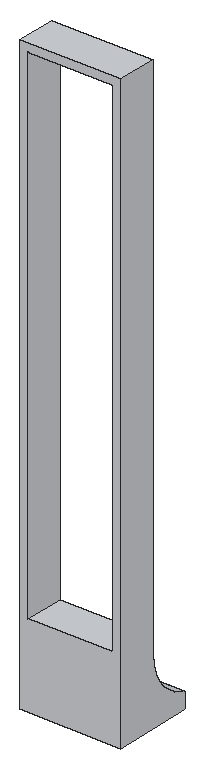
Revit family "Accessory-Towel_Arm-KOHLER-Loure-K-11586_1", category Specialty Equipment, host Face, Revit 2015
Parameters (values of type "CP-Polished Chrome")
  Width = 3"  # constant formula
  WaterSense Certified = 1 = 0  # no
  URL = "https://www.us.kohler.com/us/"
  Type = 1
  Product Page URL = "http://www.us.kohler.com/us/catalog/productDetails.jsp?productNumber=11586"
  Product Name = "Loure"  # constant formula
  Product Documentation Link = "https://www.us.kohler.com/webassets/kpna/catalog/pdf/en/K-11586_spec.pdf"
  Model = if(Type = 1, "K-11586-CP", if(Type = 2, "K-11586-SN", if(Type = 3, "K-11586-BN", "NA")))  # "K-11586-CP"
  Material = "Solid-Brass Construction "  # constant formula
  MasterFormat 2004 = "10.28.13"  # constant formula
  MasterFormat 1995 = "10820"  # constant formula
  Manufacturer Address = "444 Highland Dr, Kohler, WI 53044"  # constant formula
  Manufacturer = "KOHLER Co."  # constant formula
  Length = 17 7/8"  # constant formula
  Height = 2 3/8"  # constant formula
  Finish = Kohler-Metal-CP-Polished_Chrome
  Environmental Product Declaration = ""
  Description = "Towel arm"  # constant formula
  Default Elevation = 42"
  Declare Label = ""
  Date Modified = "4/17/2019"  # constant formula
  Date Created = "4/17/2019"  # constant formula
  Copyright = "Copyright KOHLER Co."  # constant formula
  Contact Us = "https://www.us.kohler.com/us/static/contact.jsp"
  Assembly Code = "C1030200"
  ADA Compliant = 1 = 0  # no
Types (4): name | Type | Model | Finish
  (no name) | 1 | "K-11586-CP" | Kohler-Metal-CP-Polished_Chrome
  CP-Polished Chrome | 1 | "K-11586-CP" | Kohler-Metal-CP-Polished_Chrome
  SN-Vibrant Polished Nickel | 2 | "K-11586-SN" | Kohler-Metal-SN-Vibrant_Polished_Nickel
  BN-Vibrant Brushed Nickel | 3 | "K-11586-BN" | Kohler-Metal-BN-Vibrant_Brushed_Nickel
Reference planes (in)
  plane 1 "Center (Front/Back)": y = 0
  plane 2: z = 0
  plane 3 "Center (Left/Right)": x = 0
  plane 4: y = 0
  plane 5: z = 0
  plane 6: x = -1.5
  plane 7: x = 1.5
  plane 8: z = 17.875
  plane 9: y = -1.78125
  plane 10: y = 0.59375
Dimensions and locks (in)
  "Height": plane 10 to plane 9
  "Length": level to plane 8
  "Width": plane 7 to plane 6
  aligned and locked: plane 2 to host face
  aligned and locked: level to host face
Automatic sketch dimensions
  host sketch curve to host sketch curve = 96"  (x2)
Nested families (in)
  nested 1: "K-11586" at (-1.5, -1.78125, 0) x (-1, 0, 0) z (0, 1, 0), type "K-11586"
Definition of nested family "K-11586"
  Parameters (values of type "K-11586")
    Material = none
    Default Elevation = 48"
  Reference planes (in)
    plane 1 "Center (Front/Back)": y = 0
    plane 2: z = 0
    plane 3 "Center (Left/Right)": x = 0
    plane 4: y = -17.875
    plane 5: z = 2.375
    plane 6: x = -3
    plane 7: y = -2.48876
    plane 8: z = 0.59375
    plane 9: x = -1.5
    plane 10: y = -17.63624
  Forms (in)
    Sweep 1, solid, material <- "Material", detail levels medium+fine
      path origin (0, 0, 0) x (1, 0, 0) y (0, 1, 0)
        loop
          line (-3, -2.25) -> (-3, -17.875) -> (0, -17.875) -> (0, -2.25) -> (-3, -2.25)
      profile origin (-3, -10.0625, 0) x (1, 0, 0) y (0, 0, 1)
        loop
          line (0, 0) -> (0.23876, 0) -> (0.23876, 1.1875) -> (0, 1.1875) -> (0, 0)
    Extrusion 2, solid, material <- "Material", detail levels medium+fine
      sketch origin (0, 0, 0) x (0, 1, 0) y (0, 0, 1)
        loop
          arc (0, 2.33594) -> (-0.01144, 2.36356) -> (-0.03906, 2.375) r 0.03906
          line (-0.03906, 2.375) -> (-0.46521, 2.375)
          arc (-0.46521, 2.375) -> (-0.48953, 2.36668) -> (-0.50364, 2.34519) r 0.03968
          arc (-0.50364, 2.34519) -> (-1.05185, 1.51084) -> (-1.99637, 1.1875) r 1.54121
          line (-1.99637, 1.1875) -> (-2.25, 1.1875) -> (-2.25, 0) -> (0, 0) -> (0, 2.33594)
      from -3 to 0
    Extrusion 3, solid, material <- "Material", detail levels coarse
      sketch origin (0, 0, 0) x (0, 1, 0) y (0, 0, 1)
        loop
          line (0, 2.375) -> (-2.48876, 2.375) -> (-2.48876, 1.1875) -> (-17.875, 1.1875) -> (-17.875, 0) -> (0, 0) -> (0, 2.375)
      from -3 to 0
    Extrusion 4, void
      sketch origin (0, 0, 0) x (1, 0, 0) y (0, 1, 0)
        loop
          line (-2.76124, -2.48876) -> (-2.76124, -17.63624) -> (-0.23876, -17.63624) -> (-0.23876, -2.48876) -> (-2.76124, -2.48876)
      from 0 to 2.375
  Cuts and joins
    Extrusion 4 cuts Sweep 1
    Extrusion 4 cuts Extrusion 2
    joined: Sweep 1, Extrusion 2
    Extrusion 4 cuts Extrusion 3
  Lines and regions (in)
    Masking region 1
      outline origin (0, 0, 0) x (1, 0, 0) y (0, 0, 1)
        loop
          line (-3, 2.375) -> (-3, 0) -> (0, 0) -> (0, 2.375) -> (-3, 2.375)
    Masking region 2
      outline origin (0, 0, 0) x (0, 1, 0) y (0, 0, 1)
        loop
          line (0, 0) -> (0, 2.33595)
          arc (0, 2.33595) -> (-0.01144, 2.36356) -> (-0.03905, 2.375) r 0.03905
          line (-0.03905, 2.375) -> (-0.46563, 2.375)
          arc (-0.46563, 2.375) -> (-0.48913, 2.36716) -> (-0.5032, 2.34677) r 0.03912
          arc (-0.5032, 2.34677) -> (-1.16411, 1.44696) -> (-2.25, 1.1875) r 1.62185
          line (-2.25, 1.1875) -> (-17.875, 1.1875) -> (-17.875, 0) -> (0, 0)
    Masking region 3
      outline origin (0, 0, 0) x (1, 0, 0) y (0, 1, 0)
        loop
          line (-3, 0) -> (-3, -17.875) -> (0, -17.875) -> (0, 0) -> (-3, 0)
        loop
          line (-2.76124, -2.48876) -> (-2.76124, -17.63624) -> (-0.23876, -17.63624) -> (-0.23876, -2.48876) -> (-2.76124, -2.48876)
    symbolic lines, detail levels medium+fine
      curve 1: line (-3, 0, 1.1875) -> (0, 0, 1.1875)
      curve 2: line (-3, -0.50332, 0) -> (0, -0.50332, 0)
      curve 3: line (0, -2.48876, 1.1875) -> (0, -2.48876, 0)
      curve 4: line (-2.76124, -17.63624, 0) -> (-3, -17.63624, 0)
      curve 5: line (-0.23876, -17.63624, 0) -> (0, -17.63624, 0)
      curve 6: line (0, -17.63624, 1.1875) -> (0, -17.63624, 0)
  Dimensions and locks (in)
    aligned and locked: plane 2 to level
